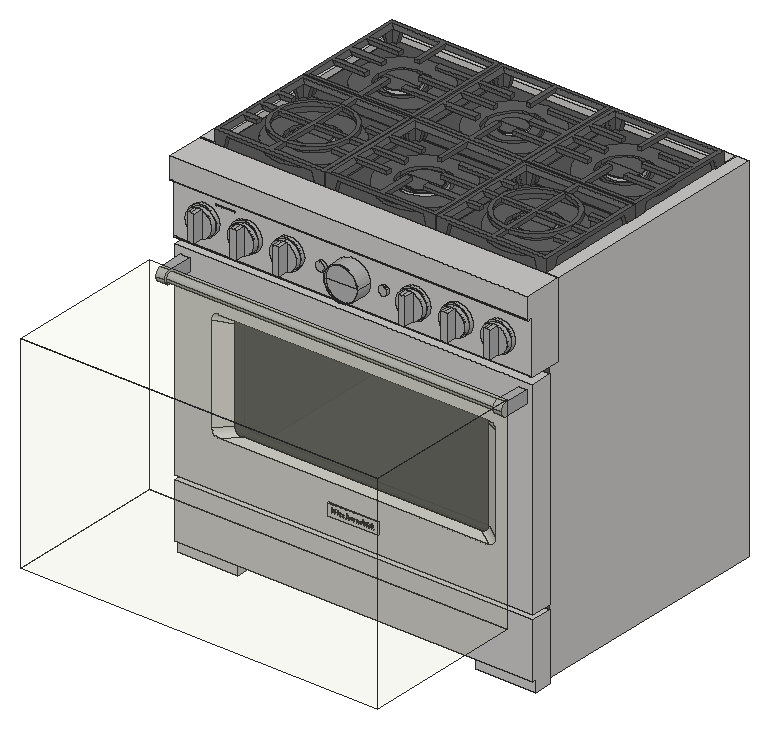
Revit family "P191568KX-127c_KFDC506J", category Specialty Equipment, Revit 2026 (continued)
Forms (in)
  Sweep 147, solid, material "ARCAT - Metal - Cast Iron 1/4" Plate" <- "Cooking Grate Material"
    profile origin (-11.15, -12.75, 37.1875) x (0, -1, 0) y (0, 0, 1)
      loop
        line (0, 0) -> (0, -0.35) -> (0.59507, -0.35) -> (0.35, 0) -> (0, 0)
  Extrusion 148, solid, material "ARCAT - Metal - Cast Iron 1/4" Plate" <- "Cooking Grate Material"
    sketch origin (-16.65, -12.75, 36.8375) x (1, 0, 0) y (0, 0, -1)
      loop
        line (0, 0) -> (1.22441, 0) -> (0.86965, 1.32396) -> (0, 1.32396) -> (0, 0)
    from 0 to -0.35156
  Extrusion 149, solid, material "ARCAT - Metal - Cast Iron 1/4" Plate" <- "Cooking Grate Material"
    sketch origin (-16.29844, -12.75, 36.8375) x (0, -1, 0) y (0, 0, -1)
      loop
        line (0, 0) -> (1.22441, 0) -> (0.86965, 1.32396) -> (0, 1.32396) -> (0, 0)
    from 0 to -0.35156
  Extrusion 150, solid, material "ARCAT - Metal - Cast Iron 1/4" Plate" <- "Cooking Grate Material"
    sketch origin (-16.65, -23.75, 36.8375) x (1, 0, 0) y (0, 0, 1)
      loop
        line (0, 0) -> (0, -1.32396) -> (0.86965, -1.32396) -> (1.22441, 0) -> (0, 0)
    from 0 to -0.35156
  Extrusion 151, solid, material "ARCAT - Metal - Cast Iron 1/4" Plate" <- "Cooking Grate Material"
    sketch origin (-16.29844, -23.75, 36.8375) x (0, 1, 0) y (0, 0, 1)
      loop
        line (0, 0) -> (0, -1.32396) -> (0.86965, -1.32396) -> (1.22441, 0) -> (0, 0)
    from 0 to -0.35156
  Extrusion 152, solid, material "ARCAT - Metal - Cast Iron 1/4" Plate" <- "Cooking Grate Material"
    sketch origin (-5.65, -12.75, 36.8375) x (-1, 0, 0) y (0, 0, 1)
      loop
        line (0, 0) -> (0, -1.32396) -> (0.86965, -1.32396) -> (1.22441, 0) -> (0, 0)
    from 0 to -0.35156
  Extrusion 153, solid, material "ARCAT - Metal - Cast Iron 1/4" Plate" <- "Cooking Grate Material"
    sketch origin (-6.00156, -12.75, 36.8375) x (0, -1, 0) y (0, 0, 1)
      loop
        line (0, 0) -> (0, -1.32396) -> (0.86965, -1.32396) -> (1.22441, 0) -> (0, 0)
    from 0 to -0.35156
  Extrusion 154, solid, material "ARCAT - Metal - Cast Iron 1/4" Plate" <- "Cooking Grate Material"
    sketch origin (-5.65, -23.75, 36.8375) x (-1, 0, 0) y (0, 0, -1)
      loop
        line (0, 0) -> (1.22441, 0) -> (0.86965, 1.32396) -> (0, 1.32396) -> (0, 0)
    from 0 to -0.35156
  Extrusion 155, solid, material "ARCAT - Metal - Cast Iron 1/4" Plate" <- "Cooking Grate Material"
    sketch origin (-6.00156, -23.75, 36.8375) x (0, 1, 0) y (0, 0, -1)
      loop
        line (0, 0) -> (1.22441, 0) -> (0.86965, 1.32396) -> (0, 1.32396) -> (0, 0)
    from 0 to -0.35156
  Extrusion 156, solid, material "ARCAT - Metal - Cast Iron 1/4" Plate" <- "Cooking Grate Material"
    sketch origin (-16.92869, -201.59612, 35.05573) x (1, 0, 0) y (0, 1, 0)
      loop
        circle (5.77869, 183.34612) r 4.25
      loop
        circle (5.77869, 183.34612) r 2.43681
    from 0.45782 to 0.78856
  Extrusion 157, solid, material "ARCAT - Metal - Cast Iron 1/4" Plate" <- "Cooking Grate Material"
    sketch origin (-16.92869, 82.49168, 35.05573) x (1, 0, 0) y (0, 1, 0)
      loop
        circle (5.77869, -100.74168) r 1.70313
      loop
        circle (5.77869, -100.74168) r 2
    from 0.45782 to 0.78856
  Revolve 158, solid, material "ARCAT - Metal - Cast Iron 1/4" Plate" <- "Cooking Grate Material"
    sketch origin (-23.98016, -18.25, 51.46709) x (-1, 0, 0) y (0, 0, 1)
      loop
        line (-12.83016, -15.95355) -> (-11.12703, -15.95355) -> (-11.12703, -15.37878) -> (-11.18761, -15.3182) -> (-12.83016, -15.3182) -> (-12.83016, -15.95355)
      axis (-12.83016, -15.95355) -> (-12.83016, -15.3182)
    angle from 0 to 360
  Extrusion 159, solid, material "ARCAT - Metal - Cast Iron 1/4" Plate" <- "Cooking Grate Material"
    sketch origin (5.77869, -107.84168, 35.05573) x (-1, 0, 0) y (0, -1, 0)
      loop
        circle (5.77869, -100.74168) r 1.32813
      loop
        circle (5.77869, -100.74168) r 2.25
    from 0.45782 to 0.78856
  Revolve 160, solid, material "ARCAT - Metal - Cast Iron 1/4" Plate" <- "Cooking Grate Material"
    sketch origin (12.83016, -7.1, 51.46709) x (1, 0, 0) y (0, 0, 1)
      loop
        line (-12.83016, -15.95355) -> (-11.50203, -15.95355) -> (-11.50203, -15.52878) -> (-11.56261, -15.4682) -> (-12.83016, -15.4682) -> (-12.83016, -15.95355)
      axis (-12.83016, -15.95355) -> (-12.83016, -15.4682)
    angle from 0 to 360
  Extrusion 161, solid, material "ARCAT - Metal - Cast Iron 1/4" Plate" <- "Cooking Grate Material"
    sketch origin (-5.77869, -190.44612, 35.05573) x (1, 0, 0) y (0, 1, 0)
      loop
        circle (5.77869, 183.34612) r 4.25
      loop
        circle (5.77869, 183.34612) r 2.6366
    from 0.45782 to 0.78856
  Extrusion 162, solid, material "ARCAT - Metal - Cast Iron 1/4" Plate" <- "Cooking Grate Material"
    sketch origin (104.50773, -36.6875, 37.1875) x (1, 0, 0) y (0, 1, 0)
      loop
        circle (-93.35773, 18.4375) r 3.75
      loop
        circle (-93.35773, 18.4375) r 3.39844
    from 0 to -0.35156
  Extrusion 163, solid, material "ARCAT - Metal - Cast Iron 1/4" Plate" <- "Cooking Grate Material"
    sketch origin (29.58906, -111.60773, 37.1875) x (0, -1, 0) y (1, 0, 0)
      loop
        arc (-93.53273, -21.83299) -> (-93.35773, -21.8375) -> (-93.18273, -21.83299) r 3.39844
        line (-93.18273, -21.83299) -> (-93.18273, -18.61406) -> (-89.9638, -18.61406)
        arc (-89.9638, -18.61406) -> (-89.95929, -18.43906) -> (-89.9638, -18.26406) r 3.39844
        line (-89.9638, -18.26406) -> (-93.18273, -18.26406) -> (-93.18273, -15.04513)
        arc (-93.18273, -15.04513) -> (-93.35773, -15.04062) -> (-93.53273, -15.04513) r 3.39844
        line (-93.53273, -15.04513) -> (-93.53273, -18.26406) -> (-96.75166, -18.26406)
        arc (-96.75166, -18.26406) -> (-96.75617, -18.43906) -> (-96.75166, -18.61406) r 3.39844
        line (-96.75166, -18.61406) -> (-93.53273, -18.61406) -> (-93.53273, -21.83299)
    from 0 to -0.35156
  Extrusion 164, solid, material "ARCAT - Metal - Cast Iron 1/4" Plate" <- "Cooking Grate Material"
    sketch origin (5.5375, -111.60773, 37.1875) x (0, -1, 0) y (1, 0, 0)
      loop
        line (-93.58273, -21.8375) -> (-93.13273, -21.8375) -> (-93.13273, -20.4375) -> (-93.58273, -20.4375) -> (-93.58273, -21.8375)
    from 0 to -0.35156
  Extrusion 165, solid, material "ARCAT - Metal - Cast Iron 1/4" Plate" <- "Cooking Grate Material"
    sketch origin (5.5375, -113.75773, 37.1875) x (0, -1, 0) y (1, 0, 0)
      loop
        line (-93.58273, -21.8375) -> (-93.13273, -21.8375) -> (-93.13273, -20.4375) -> (-93.58273, -20.4375) -> (-93.58273, -21.8375)
    from 0 to -0.35156
  Extrusion 166, solid, material "ARCAT - Metal - Cast Iron 1/4" Plate" <- "Cooking Grate Material"
    sketch origin (5.5375, 77.25773, 37.1875) x (0, 1, 0) y (-1, 0, 0)
      loop
        line (-93.58273, 21.8375) -> (-93.58273, 20.4375) -> (-93.13273, 20.4375) -> (-93.13273, 21.8375) -> (-93.58273, 21.8375)
    from 0 to -0.35156
  Extrusion 167, solid, material "ARCAT - Metal - Cast Iron 1/4" Plate" <- "Cooking Grate Material"
    sketch origin (82.20773, -34.9375, 37.1875) x (1, 0, 0) y (0, 1, 0)
      loop
        line (-93.58273, 21.8375) -> (-93.58273, 20.4375) -> (-93.13273, 20.4375) -> (-93.13273, 21.8375) -> (-93.58273, 21.8375)
    from 0 to -0.35156
  Extrusion 168, solid, material "ARCAT - Metal - Cast Iron 1/4" Plate" <- "Cooking Grate Material"
    sketch origin (-27.8375, -111.60773, 37.1875) x (0, -1, 0) y (1, 0, 0)
      loop
        line (-93.58273, 21.8375) -> (-93.58273, 20.4375) -> (-93.13273, 20.4375) -> (-93.13273, 21.8375) -> (-93.58273, 21.8375)
    from 0 to -0.35156
  Extrusion 169, solid, material "ARCAT - Metal - Cast Iron 1/4" Plate" <- "Cooking Grate Material"
    sketch origin (-27.8375, -113.75773, 37.1875) x (0, -1, 0) y (1, 0, 0)
      loop
        line (-93.58273, 21.8375) -> (-93.58273, 20.4375) -> (-93.13273, 20.4375) -> (-93.13273, 21.8375) -> (-93.58273, 21.8375)
    from 0 to -0.35156
  Extrusion 170, solid, material "ARCAT - Metal - Cast Iron 1/4" Plate" <- "Cooking Grate Material"
    sketch origin (-27.8375, 77.25773, 37.1875) x (0, 1, 0) y (-1, 0, 0)
      loop
        line (-93.58273, -21.8375) -> (-93.13273, -21.8375) -> (-93.13273, -20.4375) -> (-93.58273, -20.4375) -> (-93.58273, -21.8375)
    from 0 to -0.35156
  Extrusion 171, solid, material "ARCAT - Metal - Cast Iron 1/4" Plate" <- "Cooking Grate Material"
    sketch origin (82.20773, -1.5625, 37.1875) x (1, 0, 0) y (0, 1, 0)
      loop
        line (-93.58273, -21.8375) -> (-93.13273, -21.8375) -> (-93.13273, -20.4375) -> (-93.58273, -20.4375) -> (-93.58273, -21.8375)
    from 0 to -0.35156
  Extrusion 172, solid, material "ARCAT - Metal - Cast Iron 1/4" Plate" <- "Cooking Grate Material"
    sketch origin (82.20773, -36.6875, 37.1875) x (1, 0, 0) y (0, 1, 0)
      loop
        circle (-93.35773, 18.4375) r 3.75
      loop
        circle (-93.35773, 18.4375) r 3.39844
    from 0 to -0.35156
  Extrusion 173, solid, material "ARCAT - Metal - Cast Iron 1/4" Plate" <- "Cooking Grate Material"
    sketch origin (7.28906, -111.60773, 37.1875) x (0, -1, 0) y (1, 0, 0)
      loop
        arc (-93.53273, -21.83299) -> (-93.35773, -21.8375) -> (-93.18273, -21.83299) r 3.39844
        line (-93.18273, -21.83299) -> (-93.18273, -18.61406) -> (-89.9638, -18.61406)
        arc (-89.9638, -18.61406) -> (-89.95929, -18.43906) -> (-89.9638, -18.26406) r 3.39844
        line (-89.9638, -18.26406) -> (-93.18273, -18.26406) -> (-93.18273, -15.04513)
        arc (-93.18273, -15.04513) -> (-93.35773, -15.04062) -> (-93.53273, -15.04513) r 3.39844
        line (-93.53273, -15.04513) -> (-93.53273, -18.26406) -> (-96.75166, -18.26406)
        arc (-96.75166, -18.26406) -> (-96.75617, -18.43906) -> (-96.75166, -18.61406) r 3.39844
        line (-96.75166, -18.61406) -> (-93.53273, -18.61406) -> (-93.53273, -21.83299)
    from 0 to -0.35156
  Extrusion 174, solid, material "ARCAT - Metal - Steel - Gray" <- "Handle Material"
    sketch origin (-13.3125, -15.94421, 53.22656) x (0, 1, 0) y (0, 0, 1)
      loop
        circle (-13.68079, -26.72656) r 0.45
    from -3.16545 to 29.79045
  Extrusion 175, solid, material "ARCAT - Metal - Steel - Gray" <- "Handle Material"
    sketch origin (17.32795, -15.94421, 53.22656) x (0, 1, 0) y (0, 0, -1)
      loop
        line (-11.15579, 26.10156) -> (-11.15579, 27.35156) -> (-13.68079, 27.35156)
        arc (-13.68079, 27.35156) -> (-14.12273, 27.1685) -> (-14.30579, 26.72656) r 0.625
        arc (-14.30579, 26.72656) -> (-14.12273, 26.28462) -> (-13.68079, 26.10156) r 0.625
        line (-13.68079, 26.10156) -> (-11.15579, 26.10156)
    from 0 to 0.85
  Extrusion 176, solid, material "ARCAT - Metal - Steel - Gray" <- "Handle Material"
    sketch origin (-17.32795, -15.94421, 53.22656) x (0, 1, 0) y (0, 0, 1)
      loop
        line (-11.15579, -26.10156) -> (-13.68079, -26.10156)
        arc (-13.68079, -26.10156) -> (-14.12273, -26.28462) -> (-14.30579, -26.72656) r 0.625
        arc (-14.30579, -26.72656) -> (-14.12273, -27.1685) -> (-13.68079, -27.35156) r 0.625
        line (-13.68079, -27.35156) -> (-11.15579, -27.35156) -> (-11.15579, -26.10156)
    from 0 to 0.85
  Blend 177, void
    base sketch origin (-9.125, -26.1, 0.5) x (0, 0, 1) y (1, 0, 0)
      loop
        arc (22.3125, 21.10778) -> (22.09283, 21.63811) -> (21.5625, 21.85778) r 0.75
        line (21.5625, 21.85778) -> (12.375, 21.85778)
        arc (12.375, 21.85778) -> (11.84467, 21.63811) -> (11.625, 21.10778) r 0.75
        line (11.625, 21.10778) -> (11.625, -2.85778)
        arc (11.625, -2.85778) -> (11.84467, -3.38811) -> (12.375, -3.60778) r 0.75
        line (12.375, -3.60778) -> (21.5625, -3.60778)
        arc (21.5625, -3.60778) -> (22.09283, -3.38811) -> (22.3125, -2.85778) r 0.75
        line (22.3125, -2.85778) -> (22.3125, 21.10778)
    top sketch origin (-9.125, -26.1, 0.5) x (0, 0, -1) y (1, 0, 0)
      loop
        line (-22.5625, 22.62352) -> (-22.5625, -4.37352)
        arc (-22.5625, -4.37352) -> (-22.34283, -4.90385) -> (-21.8125, -5.12352) r 0.75
        line (-21.8125, -5.12352) -> (-12.125, -5.12352)
        arc (-12.125, -5.12352) -> (-11.59467, -4.90385) -> (-11.375, -4.37352) r 0.75
        line (-11.375, -4.37352) -> (-11.375, 22.62352)
        arc (-11.375, 22.62352) -> (-11.59467, 23.15385) -> (-12.125, 23.37352) r 0.75
        line (-12.125, 23.37352) -> (-21.8125, 23.37352)
        arc (-21.8125, 23.37352) -> (-22.34283, 23.15385) -> (-22.5625, 22.62352) r 0.75
    from 0 to -1
  Extrusion 178, void
    sketch origin (9.125, -26.1, 0.5) x (0, 0, 1) y (1, 0, 0)
      loop
        arc (21.5625, -21.85778) -> (22.09283, -21.63811) -> (22.3125, -21.10778) r 0.75
        line (22.3125, -21.10778) -> (22.3125, 2.85778)
        arc (22.3125, 2.85778) -> (22.09283, 3.38811) -> (21.5625, 3.60778) r 0.75
        line (21.5625, 3.60778) -> (12.375, 3.60778)
        arc (12.375, 3.60778) -> (11.84467, 3.38811) -> (11.625, 2.85778) r 0.75
        line (11.625, 2.85778) -> (11.625, -21.10778)
        arc (11.625, -21.10778) -> (11.84467, -21.63811) -> (12.375, -21.85778) r 0.75
        line (12.375, -21.85778) -> (21.5625, -21.85778)
    from 0 to 1.1
  Extrusion 179, solid, material "ARCAT - Glass - Tempered - Black" <- "Glass Material"
    sketch origin (9.125, -26.1, 0.5) x (0, 0, -1) y (1, 0, 0)
      loop
        line (-21.5625, -21.85778) -> (-12.375, -21.85778)
        arc (-12.375, -21.85778) -> (-11.84467, -21.63811) -> (-11.625, -21.10778) r 0.75
        line (-11.625, -21.10778) -> (-11.625, 2.85778)
        arc (-11.625, 2.85778) -> (-11.84467, 3.38811) -> (-12.375, 3.60778) r 0.75
        line (-12.375, 3.60778) -> (-21.5625, 3.60778)
        arc (-21.5625, 3.60778) -> (-22.09283, 3.38811) -> (-22.3125, 2.85778) r 0.75
        line (-22.3125, 2.85778) -> (-22.3125, -21.10778)
        arc (-22.3125, -21.10778) -> (-22.09283, -21.63811) -> (-21.5625, -21.85778) r 0.75
    from 0 to -0.25
  Extrusion 180, solid, material "ARCAT - Metal - Steel - Gray" <- "Knob Material"
    sketch origin (24.62841, -26.71858, 34.13649) x (0, 0, 1) y (-1, 0, 0)
      loop
        circle (-2.92946, 9.80341) r 1.34181
    from 0.53142 to 1.34647
  Extrusion 181, solid, material "ARCAT - Metal - Steel - Gray" <- "Knob Material"
    sketch origin (24.62841, -28.06505, 34.13649) x (0, 0, 1) y (-1, 0, 0)
      loop
        arc (-1.62775, 9.47781) -> (-1.59771, 9.63938) -> (-1.58765, 9.80341) r 1.34181
        arc (-1.58765, 9.80341) -> (-1.59771, 9.96745) -> (-1.62775, 10.12902) r 1.34181
        line (-1.62775, 10.12902) -> (-4.23117, 10.12902)
        arc (-4.23117, 10.12902) -> (-4.26121, 9.96745) -> (-4.27127, 9.80341) r 1.34181
        arc (-4.27127, 9.80341) -> (-4.26121, 9.63938) -> (-4.23117, 9.47781) r 1.34181
        line (-4.23117, 9.47781) -> (-1.62775, 9.47781)
    from 0.93521 to 0
  Extrusion 182, solid, material "ARCAT - Metal - Steel - Gray" <- "Knob Material"
    sketch origin (24.62841, -26.71858, 34.13649) x (0, 0, 1) y (-1, 0, 0)
      loop
        circle (-2.92946, 9.80341) r 1.38445
      loop
        circle (-2.92946, 9.80341) r 1.46796
    from 0.53142 to 0.9053
  Extrusion 183, solid, material "ARCAT - Metal - Steel - Gray" <- "Knob Material"
    sketch origin (20.37841, -26.71858, 34.13649) x (0, 0, 1) y (-1, 0, 0)
      loop
        circle (-2.92946, 9.80341) r 1.34181
    from 0.53142 to 1.34647
  Extrusion 184, solid, material "ARCAT - Metal - Steel - Gray" <- "Knob Material"
    sketch origin (20.37841, -28.06505, 34.13649) x (0, 0, 1) y (-1, 0, 0)
      loop
        arc (-1.62775, 9.47781) -> (-1.59771, 9.63938) -> (-1.58765, 9.80341) r 1.34181
        arc (-1.58765, 9.80341) -> (-1.59771, 9.96745) -> (-1.62775, 10.12902) r 1.34181
        line (-1.62775, 10.12902) -> (-4.23117, 10.12902)
        arc (-4.23117, 10.12902) -> (-4.26121, 9.96745) -> (-4.27127, 9.80341) r 1.34181
        arc (-4.27127, 9.80341) -> (-4.26121, 9.63938) -> (-4.23117, 9.47781) r 1.34181
        line (-4.23117, 9.47781) -> (-1.62775, 9.47781)
    from 0.93521 to 0
  Extrusion 185, solid, material "ARCAT - Metal - Steel - Gray" <- "Knob Material"
    sketch origin (20.37841, -26.71858, 34.13649) x (0, 0, 1) y (-1, 0, 0)
      loop
        circle (-2.92946, 9.80341) r 1.38445
      loop
        circle (-2.92946, 9.80341) r 1.46796
    from 0.53142 to 0.9053
  Extrusion 186, solid, material "ARCAT - Metal - Steel - Gray" <- "Knob Material"
    sketch origin (16.12841, -26.71858, 34.13649) x (0, 0, 1) y (-1, 0, 0)
      loop
        circle (-2.92946, 9.80341) r 1.34181
    from 0.53142 to 1.34647
  Extrusion 187, solid, material "ARCAT - Metal - Steel - Gray" <- "Knob Material"
    sketch origin (16.12841, -28.06505, 34.13649) x (0, 0, 1) y (-1, 0, 0)
      loop
        arc (-1.62775, 9.47781) -> (-1.59771, 9.63938) -> (-1.58765, 9.80341) r 1.34181
        arc (-1.58765, 9.80341) -> (-1.59771, 9.96745) -> (-1.62775, 10.12902) r 1.34181
        line (-1.62775, 10.12902) -> (-4.23117, 10.12902)
        arc (-4.23117, 10.12902) -> (-4.26121, 9.96745) -> (-4.27127, 9.80341) r 1.34181
        arc (-4.27127, 9.80341) -> (-4.26121, 9.63938) -> (-4.23117, 9.47781) r 1.34181
        line (-4.23117, 9.47781) -> (-1.62775, 9.47781)
    from 0.93521 to 0
  Extrusion 188, solid, material "ARCAT - Metal - Steel - Gray" <- "Knob Material"
    sketch origin (16.12841, -26.71858, 34.13649) x (0, 0, 1) y (-1, 0, 0)
      loop
        circle (-2.92946, 9.80341) r 1.38445
      loop
        circle (-2.92946, 9.80341) r 1.46796
    from 0.53142 to 0.9053
  Revolve 189, solid, material "ARCAT - Metal - Steel - Gray" <- "Knob Material"
    sketch origin (0, -180, 31.20703) x (-1, 0, 0) y (0, -1, 0)
      loop
        line (1.75, -152.75) -> (1.69765, -151.25091) -> (1.65265, -151.25091) -> (1.6448, -151.40071) -> (0, -151.40071) -> (0, -152.75) -> (1.75, -152.75)
      axis (0, -151.25091) -> (0, -152.75)
    angle from 0 to 360
  Extrusion 190, solid, material "ARCAT - Metal - Steel - Gray" <- "Knob Material"
    sketch origin (12.89443, -26.71858, 34.13649) x (0, 0, 1) y (-1, 0, 0)
      loop
        circle (-2.92946, 9.67841) r 0.43878
    from 0.53142 to 0.78142
  Extrusion 191, solid, material "ARCAT - Metal - Steel - Gray" <- "Knob Material"
    sketch origin (6.60341, -26.71858, 34.13649) x (0, 0, 1) y (-1, 0, 0)
      loop
        circle (-2.92946, 9.67841) r 0.43878
    from 0.53142 to 0.78142
  Extrusion 192, solid, material "ARCAT - Metal - Steel - Stainless" <- "Body Material"
    sketch origin (-6, -25.92205, 36) x (0, 1, 0) y (-1, 0, 0)
      loop
        line (2.02361, -22.66562) -> (2.02361, -23.9375) -> (25.82205, -23.9375) -> (25.82205, -22.66562) -> (2.02361, -22.66562)
    from 0 to -0.54906
  Extrusion 193, solid, material "ARCAT - Metal - Steel - Stainless" <- "Body Material"
    sketch origin (6, -25.92205, 36) x (0, 1, 0) y (-1, 0, 0)
      loop
        line (2.02361, 22.66563) -> (25.82205, 22.66563) -> (25.82205, 23.9375) -> (2.02361, 23.9375) -> (2.02361, 22.66563)
    from 0 to -0.54906
  Extrusion 194, solid, material "ARCAT - Metal - Steel - Stainless" <- "Body Material"
    sketch origin (9.2283, 22.49375, 36) x (-1, 0, 0) y (0, -1, 0)
      loop
        line (-7.4217, 22.59375) -> (25.8783, 22.59375) -> (25.8783, 23.9375) -> (-7.4217, 23.9375) -> (-7.4217, 22.59375)
    from 0 to -0.54906
  Extrusion 195, solid, material "ARCAT - Metal - Cast Iron" <- "Connector Material"
    sketch origin (-8.05559, 0.75983, 7.2494) x (0, 0, 1) y (0, 1, 0)
      loop
        line (-5.9158, -4.07615) -> (-2.9994, -5.69274) -> (-2.9994, -3.85983) -> (-5.9158, -3.85983) -> (-5.9158, -4.07615)
    from 0 to -0.125
  Extrusion 196, solid, material "ARCAT - Metal - Steel - Stainless" <- "Body Material"
    sketch origin (20.375, -1.975, 3.8125) x (0, 0, 1) y (1, 0, 0)
      loop
        line (10.13081, -8.47609) -> (1.70153, -8.47609)
        arc (1.70153, -8.47609) -> (1.61314, -8.51271) -> (1.57653, -8.60109) r 0.125
        line (1.57653, -8.60109) -> (1.57653, -9.6572) -> (1.30783, -9.6572)
        arc (1.30783, -9.6572) -> (1.21944, -9.69381) -> (1.18283, -9.7822) r 0.125
        line (1.18283, -9.7822) -> (1.18283, -10.12275)
        arc (1.18283, -10.12275) -> (1.21944, -10.21114) -> (1.30783, -10.24775) r 0.125
        line (1.30783, -10.24775) -> (1.57653, -10.24775) -> (1.57653, -12.60995) -> (1.30783, -12.60995)
        arc (1.30783, -12.60995) -> (1.21944, -12.64656) -> (1.18283, -12.73495) r 0.125
        line (1.18283, -12.73495) -> (1.18283, -13.0755)
        arc (1.18283, -13.0755) -> (1.21944, -13.16389) -> (1.30783, -13.2005) r 0.125
        line (1.30783, -13.2005) -> (1.57653, -13.2005) -> (1.57653, -14.25661)
        arc (1.57653, -14.25661) -> (1.61314, -14.34499) -> (1.70153, -14.38161) r 0.125
        line (1.70153, -14.38161) -> (10.13081, -14.38161)
        arc (10.13081, -14.38161) -> (10.2192, -14.34499) -> (10.25581, -14.25661) r 0.125
        line (10.25581, -14.25661) -> (10.25581, -8.60109)
        arc (10.25581, -8.60109) -> (10.2192, -8.51271) -> (10.13081, -8.47609) r 0.125
      loop
        arc (9.81172, -11.33515) -> (9.71822, -11.42865) -> (9.81172, -11.52216) r 0.0935
        line (9.81172, -11.52216) -> (9.99991, -11.52216)
        arc (9.99991, -11.52216) -> (10.09341, -11.42865) -> (9.99991, -11.33515) r 0.0935
        line (9.99991, -11.33515) -> (9.81172, -11.33515)
    from 0 to 0.03125
  Extrusion 197, solid, material "ARCAT - Metal - Steel - Stainless" <- "Body Material"
    sketch origin (20.375, -1.94375, 3.8125) x (0, 0, 1) y (1, 0, 0)
      loop
        circle (9.45246, -8.91659) r 0.1
      loop
        circle (9.45246, -13.91659) r 0.1
    from 0 to 0.03125
  Extrusion 198, solid, material "ARCAT - Metal - Steel - Stainless" <- "Body Material"
    sketch origin (9.56479, -2.9125, 3.49707) x (0, 0, 1) y (1, 0, 0)
      loop
        line (0.75293, -13.5527) -> (0.75293, 2.37271) -> (-2.37207, 2.37271) -> (-2.37207, -13.5527) -> (0.75293, -13.5527)
    from -22.025 to -15.01429
  Extrusion 199, solid, material "ARCAT - Metal - Steel - Stainless" <- "Body Material"
    sketch origin (14.375, -1.975, 2.8125) x (0, 0, 1) y (1, 0, 0)
      loop
        circle (1.79468, -14.375) r 0.25
    from 0 to 0.03125
  Extrusion 200, solid, material "ARCAT - Metal - Steel - Gray" <- "Knob Material"
    sketch origin (-24.62841, -26.71858, 34.13649) x (0, 0, 1) y (-1, 0, 0)
      loop
        circle (-2.92946, -9.80341) r 1.34181
    from 0.53142 to 1.34647
  Extrusion 201, solid, material "ARCAT - Metal - Steel - Gray" <- "Knob Material"
    sketch origin (-24.62841, -28.06505, 34.13649) x (0, 0, 1) y (-1, 0, 0)
      loop
        line (-1.62775, -9.47781) -> (-4.23117, -9.47781)
        arc (-4.23117, -9.47781) -> (-4.26121, -9.63938) -> (-4.27127, -9.80341) r 1.34181
        arc (-4.27127, -9.80341) -> (-4.26121, -9.96745) -> (-4.23117, -10.12902) r 1.34181
        line (-4.23117, -10.12902) -> (-1.62775, -10.12902)
        arc (-1.62775, -10.12902) -> (-1.59771, -9.96745) -> (-1.58765, -9.80341) r 1.34181
        arc (-1.58765, -9.80341) -> (-1.59771, -9.63938) -> (-1.62775, -9.47781) r 1.34181
    from 0.93521 to 0
  Extrusion 202, solid, material "ARCAT - Metal - Steel - Gray" <- "Knob Material"
    sketch origin (-24.62841, -26.71858, 34.13649) x (0, 0, 1) y (-1, 0, 0)
      loop
        circle (-2.92946, -9.80341) r 1.38445
      loop
        circle (-2.92946, -9.80341) r 1.46796
    from 0.53142 to 0.9053
  Extrusion 203, solid, material "ARCAT - Metal - Steel - Gray" <- "Knob Material"
    sketch origin (-20.37841, -26.71858, 34.13649) x (0, 0, 1) y (-1, 0, 0)
      loop
        circle (-2.92946, -9.80341) r 1.34181
    from 0.53142 to 1.34647
  Extrusion 204, solid, material "ARCAT - Metal - Steel - Gray" <- "Knob Material"
    sketch origin (-20.37841, -28.06505, 34.13649) x (0, 0, 1) y (-1, 0, 0)
      loop
        line (-1.62775, -9.47781) -> (-4.23117, -9.47781)
        arc (-4.23117, -9.47781) -> (-4.26121, -9.63938) -> (-4.27127, -9.80341) r 1.34181
        arc (-4.27127, -9.80341) -> (-4.26121, -9.96745) -> (-4.23117, -10.12902) r 1.34181
        line (-4.23117, -10.12902) -> (-1.62775, -10.12902)
        arc (-1.62775, -10.12902) -> (-1.59771, -9.96745) -> (-1.58765, -9.80341) r 1.34181
        arc (-1.58765, -9.80341) -> (-1.59771, -9.63938) -> (-1.62775, -9.47781) r 1.34181
    from 0.93521 to 0
  Extrusion 205, solid, material "ARCAT - Metal - Steel - Gray" <- "Knob Material"
    sketch origin (-20.37841, -26.71858, 34.13649) x (0, 0, 1) y (-1, 0, 0)
      loop
        circle (-2.92946, -9.80341) r 1.38445
      loop
        circle (-2.92946, -9.80341) r 1.46796
    from 0.53142 to 0.9053
  Extrusion 206, solid, material "ARCAT - Metal - Steel - Gray" <- "Knob Material"
    sketch origin (-16.12841, -26.71858, 34.13649) x (0, 0, 1) y (-1, 0, 0)
      loop
        circle (-2.92946, -9.80341) r 1.34181
    from 0.53142 to 1.34647
  Extrusion 207, solid, material "ARCAT - Metal - Steel - Gray" <- "Knob Material"
    sketch origin (-16.12841, -28.06505, 34.13649) x (0, 0, 1) y (-1, 0, 0)
      loop
        line (-1.62775, -9.47781) -> (-4.23117, -9.47781)
        arc (-4.23117, -9.47781) -> (-4.26121, -9.63938) -> (-4.27127, -9.80341) r 1.34181
        arc (-4.27127, -9.80341) -> (-4.26121, -9.96745) -> (-4.23117, -10.12902) r 1.34181
        line (-4.23117, -10.12902) -> (-1.62775, -10.12902)
        arc (-1.62775, -10.12902) -> (-1.59771, -9.96745) -> (-1.58765, -9.80341) r 1.34181
        arc (-1.58765, -9.80341) -> (-1.59771, -9.63938) -> (-1.62775, -9.47781) r 1.34181
    from 0.93521 to 0
  Extrusion 208, solid, material "ARCAT - Metal - Steel - Gray" <- "Knob Material"
    sketch origin (-16.12841, -26.71858, 34.13649) x (0, 0, 1) y (-1, 0, 0)
      loop
        circle (-2.92946, -9.80341) r 1.38445
      loop
        circle (-2.92946, -9.80341) r 1.46796
    from 0.53142 to 0.9053
  Extrusion 209, void
    sketch origin (-14.9375, -24.9375, 0.5) x (0, 0, -1) y (-1, 0, 0)
      loop
        line (-27.94394, -13.19851) -> (-27.94394, -16.67649)
        arc (-27.94394, -16.67649) -> (-27.65625, -16.96418) -> (-27.36856, -16.67649) r 0.28769
        line (-27.36856, -16.67649) -> (-27.36856, -13.19851)
        arc (-27.36856, -13.19851) -> (-27.65625, -12.91082) -> (-27.94394, -13.19851) r 0.28769
      loop
        line (-27.94394, 0.37767) -> (-27.94394, -3.10032)
        arc (-27.94394, -3.10032) -> (-27.65625, -3.388) -> (-27.36856, -3.10032) r 0.28769
        line (-27.36856, -3.10032) -> (-27.36856, 0.37767)
        arc (-27.36856, 0.37767) -> (-27.65625, 0.66535) -> (-27.94394, 0.37767) r 0.28769
      loop
        arc (-27.94394, -30.25267) -> (-27.65625, -30.54035) -> (-27.36856, -30.25267) r 0.28769
        line (-27.36856, -30.25267) -> (-27.36856, -26.77468)
        arc (-27.36856, -26.77468) -> (-27.65625, -26.487) -> (-27.94394, -26.77468) r 0.28769
        line (-27.94394, -26.77468) -> (-27.94394, -30.25267)
      loop
        line (-27.94394, -4.14773) -> (-27.94394, -7.62571)
        arc (-27.94394, -7.62571) -> (-27.65625, -7.9134) -> (-27.36856, -7.62571) r 0.28769
        line (-27.36856, -7.62571) -> (-27.36856, -4.14773)
        arc (-27.36856, -4.14773) -> (-27.65625, -3.86004) -> (-27.94394, -4.14773) r 0.28769
      loop
        line (-27.94394, -8.67312) -> (-27.94394, -12.1511)
        arc (-27.94394, -12.1511) -> (-27.65625, -12.43879) -> (-27.36856, -12.1511) r 0.28769
        line (-27.36856, -12.1511) -> (-27.36856, -8.67312)
        arc (-27.36856, -8.67312) -> (-27.65625, -8.38543) -> (-27.94394, -8.67312) r 0.28769
      loop
        arc (-27.94394, -25.72727) -> (-27.65625, -26.01496) -> (-27.36856, -25.72727) r 0.28769
        line (-27.36856, -25.72727) -> (-27.36856, -22.24929)
        arc (-27.36856, -22.24929) -> (-27.65625, -21.9616) -> (-27.94394, -22.24929) r 0.28769
        line (-27.94394, -22.24929) -> (-27.94394, -25.72727)
      loop
        arc (-27.94394, -21.20188) -> (-27.65625, -21.48957) -> (-27.36856, -21.20188) r 0.28769
        line (-27.36856, -21.20188) -> (-27.36856, -17.7239)
        arc (-27.36856, -17.7239) -> (-27.65625, -17.43621) -> (-27.94394, -17.7239) r 0.28769
        line (-27.94394, -17.7239) -> (-27.94394, -21.20188)
    from 0 to 0.25
  Extrusion 210, solid, material "ARCAT - Metal - Cast Iron" <- "Connector Material"
    sketch origin (-5.05559, 87.22302, -163.62542) x (0, -0.87462, -0.48481) y (0, 0.48481, -0.87462)
      loop
        circle (-0.00263, -190.45012) r 0.48023
      loop
        circle (-0.00263, -190.45012) r 0.375
    from 0 to 0.0625
  Extrusion 211, solid, material "ARCAT - Metal - Cast Iron" <- "Connector Material"
    sketch origin (-4.99309, 87.22302, -163.62542) x (0, -0.87462, -0.48481) y (0, 0.48481, -0.87462)
      loop
        line (-0.26521, -191.01322) -> (0.35374, -190.95907) -> (0.61632, -190.39597) -> (0.25994, -189.88702) -> (-0.359, -189.94117) -> (-0.62158, -190.50427) -> (-0.26521, -191.01322)
      loop
        circle (-0.00263, -190.45012) r 0.375
    from 0 to 0.25
Cuts and joins
  Extrusion 3, Extrusion 5, Extrusion 6, Extrusion 8, Extrusion 33, Extrusion 35, Extrusion 39, Extrusion 41, Extrusion 209 cuts Extrusion 2
  Extrusion 209 cuts Extrusion 192
  Extrusion 209 cuts Extrusion 193
  Extrusion 209 cuts Extrusion 194
  joined: Extrusion 2, Extrusion 192, Extrusion 193, Extrusion 194
  joined: Blend 12, Extrusion 13
  Extrusion 14 cuts Extrusion 1
  Extrusion 27 cuts Extrusion 7
  Extrusion 35, Extrusion 39 cuts Revolve 32
  Extrusion 41 cuts Revolve 34
  Blend 177, Extrusion 178 cuts Extrusion 42
  joined: Extrusion 17, Extrusion 18
  joined: Sweep 50, Extrusion 51, Extrusion 52, Extrusion 53, Extrusion 54, Extrusion 55, Extrusion 56, Extrusion 57, Extrusion 58, Extrusion 59, Extrusion 60, Extrusion 61, Extrusion 62, Extrusion 66, Extrusion 67, Extrusion 68, Extrusion 69
  joined: Sweep 147, Extrusion 148, Extrusion 149, Extrusion 150, Extrusion 151, Extrusion 152, Extrusion 153, Extrusion 154, Extrusion 155, Extrusion 164, Extrusion 165, Extrusion 166, Extrusion 167, Extrusion 168, Extrusion 169, Extrusion 170, Extrusion 171
  joined: Extrusion 172, Extrusion 173
  joined: Extrusion 162, Extrusion 163
  joined: Sweep 90, Extrusion 91, Extrusion 92, Extrusion 93, Extrusion 94, Extrusion 95, Extrusion 96, Extrusion 97, Extrusion 98, Extrusion 99, Extrusion 100, Extrusion 101, Extrusion 102, Extrusion 106, Extrusion 107, Extrusion 108, Extrusion 109
  joined: Sweep 110, Extrusion 111, Extrusion 112, Extrusion 113, Extrusion 114, Extrusion 115, Extrusion 116, Extrusion 117, Extrusion 118, Extrusion 119, Extrusion 120, Extrusion 121, Extrusion 122, Extrusion 123, Extrusion 124, Extrusion 125, Extrusion 126
  joined: Sweep 127, Extrusion 128, Extrusion 129, Extrusion 130, Extrusion 131, Extrusion 132, Extrusion 133, Extrusion 134, Extrusion 135, Extrusion 136, Extrusion 137, Extrusion 138, Extrusion 139, Extrusion 143, Extrusion 144, Extrusion 145, Extrusion 146
  joined: Sweep 70, Extrusion 71, Extrusion 72, Extrusion 73, Extrusion 74, Extrusion 75, Extrusion 76, Extrusion 77, Extrusion 78, Extrusion 79, Extrusion 80, Extrusion 81, Extrusion 82, Extrusion 86, Extrusion 87, Extrusion 88, Extrusion 89
  joined: Extrusion 210, Extrusion 211
Lines and regions (in)
  Split face 1
    outline origin (17.9375, -0.1, 0.5) x (-1, 0, 0) y (0, 0, 1)
      loop
        line (0.15867, 34.79832) -> (0.15867, 15.46152)
        arc (0.15867, 15.46152) -> (0.19528, 15.37313) -> (0.28367, 15.33652) r 0.125
        line (0.28367, 15.33652) -> (35.67147, 15.33652)
        arc (35.67147, 15.33652) -> (35.75986, 15.37313) -> (35.79647, 15.46152) r 0.125
        line (35.79647, 15.46152) -> (35.79647, 34.79832)
        arc (35.79647, 34.79832) -> (35.75986, 34.88671) -> (35.67147, 34.92332) r 0.125
        line (35.67147, 34.92332) -> (0.28367, 34.92332)
        arc (0.28367, 34.92332) -> (0.19528, 34.88671) -> (0.15867, 34.79832) r 0.125
  model lines
    curve 1: line (17.65383, -0.1, 35.42332) -> (-17.73397, -0.1, 35.42332)
    curve 2: line (17.77883, -0.1, 15.96152) -> (17.77883, -0.1, 35.29832)
    curve 3: line (-17.73397, -0.1, 15.83652) -> (17.65383, -0.1, 15.83652)
    curve 4: line (-17.85897, -0.1, 35.29832) -> (-17.85897, -0.1, 15.96152)
    curve 5: arc (17.65383, -0.1, 15.83652) -> (17.74222, -0.1, 15.87313) -> (17.77883, -0.1, 15.96152) r 0.125
    curve 6: arc (17.77883, -0.1, 35.29832) -> (17.74222, -0.1, 35.38671) -> (17.65383, -0.1, 35.42332) r 0.125
    curve 7: arc (-17.73397, -0.1, 35.42332) -> (-17.82236, -0.1, 35.38671) -> (-17.85897, -0.1, 35.29832) r 0.125
    curve 8: arc (-17.85897, -0.1, 15.96152) -> (-17.82236, -0.1, 15.87313) -> (-17.73397, -0.1, 15.83652) r 0.125
    curve 9: line (16.16859, -1.975, 12.46669) -> (12.09143, -1.975, 12.46669)
    curve 10: line (15.91859, -1.975, 12.21669) -> (12.34143, -1.975, 12.21669)
    curve 11: arc (16.16859, -1.975, 12.46669) -> (16.09537, -1.975, 12.28991) -> (15.91859, -1.975, 12.21669) r 0.25
    curve 12: arc (12.09143, -1.975, 12.46669) -> (12.16465, -1.975, 12.28991) -> (12.34143, -1.975, 12.21669) r 0.25
    curve 13: line (16.16859, -1.975, 11.59661) -> (12.09143, -1.975, 11.59661)
    curve 14: line (15.91859, -1.975, 11.34661) -> (12.34143, -1.975, 11.34661)
    curve 15: arc (16.16859, -1.975, 11.59661) -> (16.09537, -1.975, 11.41983) -> (15.91859, -1.975, 11.34661) r 0.25
    curve 16: arc (12.09143, -1.975, 11.59661) -> (12.16465, -1.975, 11.41983) -> (12.34143, -1.975, 11.34661) r 0.25
    curve 17: line (16.16859, -1.975, 10.72653) -> (12.09143, -1.975, 10.72653)
    curve 18: line (15.91859, -1.975, 10.47653) -> (12.34143, -1.975, 10.47653)
    curve 19: arc (16.16859, -1.975, 10.72653) -> (16.09537, -1.975, 10.54975) -> (15.91859, -1.975, 10.47653) r 0.25
    curve 20: arc (12.09143, -1.975, 10.72653) -> (12.16465, -1.975, 10.54975) -> (12.34143, -1.975, 10.47653) r 0.25
    curve 21: line (16.16859, -1.975, 9.85645) -> (12.09143, -1.975, 9.85645)
    curve 22: line (15.91859, -1.975, 9.60645) -> (12.34143, -1.975, 9.60645)
    curve 23: arc (16.16859, -1.975, 9.85645) -> (16.09537, -1.975, 9.67967) -> (15.91859, -1.975, 9.60645) r 0.25
    curve 24: arc (12.09143, -1.975, 9.85645) -> (12.16465, -1.975, 9.67967) -> (12.34143, -1.975, 9.60645) r 0.25
    curve 25: line (16.16859, -1.975, 8.98637) -> (12.09143, -1.975, 8.98637)
    curve 26: line (15.91859, -1.975, 8.73637) -> (12.34143, -1.975, 8.73637)
    curve 27: arc (16.16859, -1.975, 8.98637) -> (16.09537, -1.975, 8.80959) -> (15.91859, -1.975, 8.73637) r 0.25
    curve 28: arc (12.09143, -1.975, 8.98637) -> (12.16465, -1.975, 8.80959) -> (12.34143, -1.975, 8.73637) r 0.25
    curve 29: line (16.16859, -1.975, 8.11629) -> (12.09143, -1.975, 8.11629)
    curve 30: line (15.91859, -1.975, 7.86629) -> (12.34143, -1.975, 7.86629)
    curve 31: arc (16.16859, -1.975, 8.11629) -> (16.09537, -1.975, 7.93952) -> (15.91859, -1.975, 7.86629) r 0.25
    curve 32: arc (12.09143, -1.975, 8.11629) -> (12.16465, -1.975, 7.93952) -> (12.34143, -1.975, 7.86629) r 0.25
    curve 33: line (-12.11275, -1.975, 12.46669) -> (-16.18991, -1.975, 12.46669)
    curve 34: line (-12.36275, -1.975, 12.21669) -> (-15.93991, -1.975, 12.21669)
    curve 35: arc (-12.11275, -1.975, 12.46669) -> (-12.18597, -1.975, 12.28991) -> (-12.36275, -1.975, 12.21669) r 0.25
    curve 36: arc (-16.18991, -1.975, 12.46669) -> (-16.11669, -1.975, 12.28991) -> (-15.93991, -1.975, 12.21669) r 0.25
    curve 37: line (-12.11275, -1.975, 11.59661) -> (-16.18991, -1.975, 11.59661)
    curve 38: line (-12.36275, -1.975, 11.34661) -> (-15.93991, -1.975, 11.34661)
    curve 39: arc (-12.11275, -1.975, 11.59661) -> (-12.18597, -1.975, 11.41983) -> (-12.36275, -1.975, 11.34661) r 0.25
    curve 40: arc (-16.18991, -1.975, 11.59661) -> (-16.11669, -1.975, 11.41983) -> (-15.93991, -1.975, 11.34661) r 0.25
    curve 41: line (-12.11275, -1.975, 10.72653) -> (-16.18991, -1.975, 10.72653)
    curve 42: line (-12.36275, -1.975, 10.47653) -> (-15.93991, -1.975, 10.47653)
    curve 43: arc (-12.11275, -1.975, 10.72653) -> (-12.18597, -1.975, 10.54975) -> (-12.36275, -1.975, 10.47653) r 0.25
    curve 44: arc (-16.18991, -1.975, 10.72653) -> (-16.11669, -1.975, 10.54975) -> (-15.93991, -1.975, 10.47653) r 0.25
    curve 45: line (-12.11275, -1.975, 9.85645) -> (-16.18991, -1.975, 9.85645)
    curve 46: line (-12.36275, -1.975, 9.60645) -> (-15.93991, -1.975, 9.60645)
    curve 47: arc (-12.11275, -1.975, 9.85645) -> (-12.18597, -1.975, 9.67967) -> (-12.36275, -1.975, 9.60645) r 0.25
    curve 48: arc (-16.18991, -1.975, 9.85645) -> (-16.11669, -1.975, 9.67967) -> (-15.93991, -1.975, 9.60645) r 0.25
    curve 49: line (-12.11275, -1.975, 8.98637) -> (-16.18991, -1.975, 8.98637)
    curve 50: line (-12.36275, -1.975, 8.73637) -> (-15.93991, -1.975, 8.73637)
    curve 51: arc (-12.11275, -1.975, 8.98637) -> (-12.18597, -1.975, 8.80959) -> (-12.36275, -1.975, 8.73637) r 0.25
    curve 52: arc (-16.18991, -1.975, 8.98637) -> (-16.11669, -1.975, 8.80959) -> (-15.93991, -1.975, 8.73637) r 0.25
    curve 53: line (-12.11275, -1.975, 8.11629) -> (-16.18991, -1.975, 8.11629)
    curve 54: line (-12.36275, -1.975, 7.86629) -> (-15.93991, -1.975, 7.86629)
    curve 55: arc (-12.11275, -1.975, 8.11629) -> (-12.18597, -1.975, 7.93952) -> (-12.36275, -1.975, 7.86629) r 0.25
    curve 56: arc (-16.18991, -1.975, 8.11629) -> (-16.11669, -1.975, 7.93952) -> (-15.93991, -1.975, 7.86629) r 0.25
    curve 57: line (9.53749, -1.975, 4.94277) -> (8.35639, -1.975, 4.94277)
    curve 58: line (8.35639, -1.975, 4.94277) -> (8.35639, -1.975, 4.25)
    curve 59: line (9.53749, -1.975, 4.94277) -> (9.53749, -1.975, 4.25)
    curve 60: arc (8.86682, -1.975, 4.6437) -> (8.94064, -1.975, 4.71752) -> (9.01446, -1.975, 4.6437) r 0.07382
    curve 61: arc (9.01446, -1.975, 4.6437) -> (8.94064, -1.975, 4.56988) -> (8.86682, -1.975, 4.6437) r 0.07382
    curve 62: line (17.9375, -23.89844, 36) -> (16.66562, -23.89844, 36)
    curve 63: line (-17.9375, -23.89844, 36) -> (-16.66562, -23.89844, 36)
  symbolic lines, style "SpecialityEquipment"
    curve 64: line (17.9375, 0, 36) -> (17.9375, -27.75, 36)
    curve 65: line (17.9375, -27.75, 36) -> (-17.9375, -27.75, 36)
    curve 66: line (-17.9375, -27.75, 36) -> (-17.9375, 0, 36)
    curve 67: line (-17.9375, -23.96094, 36) -> (17.9375, -23.96094, 36)
    curve 68: line (-17.9375, 0, 36) -> (17.9375, 0, 36)
    curve 69: line (-17.32795, -27.75, 36) -> (-17.32795, -30.25, 36)
    curve 70: line (-17.32795, -30.25, 36) -> (-16.47795, -30.25, 36)
    curve 71: line (-16.47795, -30.25, 36) -> (-16.47795, -27.75, 36)
    curve 72: line (16.47795, -27.75, 36) -> (16.47795, -30.25, 36)
    curve 73: line (16.47795, -30.25, 36) -> (17.32795, -30.25, 36)
    curve 74: line (17.32795, -30.25, 36) -> (17.32795, -27.75, 36)
    curve 75: line (-16.47795, -29.175, 36) -> (16.47795, -29.175, 36)
    curve 76: line (16.47795, -30.075, 36) -> (-16.47795, -30.075, 36)
    curve 77: circle (-11.15, -7.1, 36) r 1.70313 normal (0, 0, -1)
    curve 78: circle (0, -7.1, 36) r 1.32813 normal (0, 0, -1)
    curve 79: circle (11.15, -7.1, 36) r 1.70313 normal (0, 0, -1)
    curve 80: circle (11.15, -18.25, 36) r 1.70313 normal (0, 0, -1)
    curve 81: circle (0, -18.25, 36) r 1.70313 normal (0, 0, -1)
    curve 82: circle (-11.15, -18.25, 36) r 1.70313 normal (0, 0, -1)
Dimensions and locks (in)
  "Width": plane 4 to plane 8
  "Depth": plane 5 to plane 1 "Center (Front/Back)"
  "Height": plane 7 to plane 2
  equal spacing: plane 4, plane 3 "Center (Left/Right)", plane 8
  aligned and locked: plane 2 to level
Automatic sketch dimensions
  Extrusion 1 sketch curve to level = 0"
  Extrusion 1 sketch curve to plane 5 = 3.15"
  Extrusion 1 sketch curve to Extrusion 1 sketch curve = 0.32829"
  Extrusion 1 sketch curve to Extrusion 1 sketch curve = 1.77171"
  Extrusion 1 sketch curve to Extrusion 1 sketch curve = 1 1/8"
  Extrusion 1 sketch curve to Extrusion 1 sketch curve = 5 1/2"
  level to Extrusion 2 sketch curve = 1/2"
  Extrusion 2 sketch curve to plane 5 = 5 5/16"
  plane 7 to Extrusion 2 sketch curve = 0.54906"
  Extrusion 2 sketch curve to plane 5 = 6 45/128"
  plane 1 "Center (Front/Back)" to Extrusion 2 sketch curve = 0.1"
  Extrusion 2 sketch curve to Extrusion 2 sketch curve = 6.95094"
  level to Extrusion 3 sketch curve = 7 7/16"
  plane 1 "Center (Front/Back)" to Extrusion 3 sketch curve = 4.1"
  plane 7 to Extrusion 3 sketch curve = 8 1/2"
  Extrusion 3 sketch curve to plane 5 = 5 5/16"
  Extrusion 4 sketch curve to plane 4 = 0"
  plane 5 to Extrusion 4 sketch curve = 0"
  plane 5 to Extrusion 4 sketch curve = 16 1/4"
  plane 4 to Extrusion 5 sketch curve = 6"
  level to Extrusion 5 sketch curve = 1/2"
  Extrusion 5 sketch curve to Extrusion 5 sketch curve = 3 3/4"
  level to Extrusion 6 sketch curve = 1/2"
  Extrusion 6 sketch curve to Extrusion 6 sketch curve = 15.30527"
  plane 4 to Extrusion 6 sketch curve = 1"
  plane 7 to Extrusion 7 sketch curve = 0"
  Extrusion 7 sketch curve to plane 5 = 2 1/2"
  Extrusion 7 sketch curve to Extrusion 7 sketch curve = 0.1"
  Extrusion 7 sketch curve to Extrusion 7 sketch curve = 0.4"
  Extrusion 7 sketch curve to Extrusion 7 sketch curve = 13/128"
  Extrusion 7 sketch curve to plane 6 = 1/16"
  plane 7 to Extrusion 7 sketch curve = 2.0875"
  Extrusion 7 sketch curve to Extrusion 7 sketch curve = 5 27/128"
  Extrusion 2 to Extrusion 8 sketch curve = 1 11/32"
  Extrusion 2 to Extrusion 8 sketch curve = 0.02795"
  Extrusion 2 to Extrusion 8 sketch curve = 13.27188"
  Extrusion 2 to Extrusion 8 sketch curve = 1.35"
  plane 1 "Center (Front/Back)" to Revolve 9 sketch curve = 0"
  plane 1 "Center (Front/Back)" to Revolve 9 sketch curve = 0.1"
  Revolve 9 sketch curve to plane 8 = 11.85064"
  plane 1 "Center (Front/Back)" to Revolve 9 sketch curve = 0.03063"
  Revolve 9 sketch curve to Revolve 9 sketch curve = 0.43931"
  Revolve 9 sketch curve to Revolve 9 sketch curve = 0.036"
  Revolve 9 sketch curve to Revolve 9 sketch curve = 0.03486"
  Revolve 9 sketch curve to Revolve 9 sketch curve = 0"  (x2)
  Revolve 9 sketch curve to plane 1 "Center (Front/Back)" = 0.15"
  plane 1 "Center (Front/Back)" to Revolve 10 sketch curve = 0"
  plane 1 "Center (Front/Back)" to Revolve 10 sketch curve = 0.1"
  Revolve 10 sketch curve to plane 3 "Center (Left/Right)" = 6.21186"
  plane 1 "Center (Front/Back)" to Revolve 10 sketch curve = 0.03063"
  Revolve 10 sketch curve to plane 3 "Center (Left/Right)" = 5.77254"
  Revolve 10 sketch curve to Revolve 10 sketch curve = 0.036"
  Revolve 10 sketch curve to Revolve 10 sketch curve = 0.03451"
  Revolve 10 sketch curve to Revolve 10 sketch curve = 0"  (x2)
  Revolve 10 sketch curve to plane 1 "Center (Front/Back)" = 0.15"
  level to Extrusion 11 sketch curve = 0.32993"
  Extrusion 11 sketch curve to Extrusion 11 sketch curve = 1.63686"
  plane 1 "Center (Front/Back)" to Extrusion 11 sketch curve = 3.1"
  plane 1 "Center (Front/Back)" to Extrusion 11 sketch curve = 1.1"
  Blend 12 sketch curve to Extrusion 11 = 0"
  Extrusion 11 to Blend 12 sketch curve = 0.39021"  (x2)
  Blend 12 sketch curve to Extrusion 11 = 0.10979"
  Extrusion 11 to Blend 12 sketch curve = 1 1/4"
  Blend 12 sketch curve to Blend 12 sketch curve = 0.39711"
  Extrusion 11 to Blend 12 sketch curve = 0.66185"
  Blend 12 sketch curve to Blend 12 sketch curve = 0.3638"
  plane 1 "Center (Front/Back)" to Extrusion 13 sketch curve = 2.31269"
  Extrusion 13 sketch curve to Extrusion 13 sketch curve = 0.39711"
  Extrusion 13 sketch curve to Extrusion 13 sketch curve = 0.3638"
  Extrusion 14 sketch curve to Extrusion 1 = 0"  (x2)
  Extrusion 14 sketch curve to Extrusion 1 = 6"  (x2)
  level to Extrusion 15 sketch curve = 3.22561"
  plane 1 "Center (Front/Back)" to Extrusion 15 sketch curve = 5.31195"
  level to Extrusion 16 sketch curve = 2.78579"
  Extrusion 16 sketch curve to Extrusion 16 sketch curve = 0.21991"  (x3)
  Extrusion 16 sketch curve to Extrusion 16 sketch curve = 0.43982"  (x2)
  plane 1 "Center (Front/Back)" to Extrusion 16 sketch curve = 5.69285"
  Extrusion 16 sketch curve to Extrusion 16 sketch curve = 0.3809"  (x3)
  level to Extrusion 17 sketch curve = 0.96239"
  Extrusion 17 sketch curve to Extrusion 17 sketch curve = 0.12048"
  Extrusion 17 sketch curve to Extrusion 17 sketch curve = 1/8"
  Extrusion 17 sketch curve to Extrusion 17 sketch curve = 0.00452"
  Extrusion 17 sketch curve to Extrusion 17 sketch curve = 0.0606"
  Extrusion 17 sketch curve to Extrusion 17 sketch curve = 0.06512"
  Extrusion 17 sketch curve to Extrusion 17 sketch curve = 3.16713"
  plane 1 "Center (Front/Back)" to Extrusion 17 sketch curve = 5.66568"
  Extrusion 17 sketch curve to Extrusion 17 sketch curve = 151/256"
  Extrusion 17 sketch curve to Extrusion 17 sketch curve = 0.14292"
  Extrusion 17 sketch curve to Extrusion 17 sketch curve = 2.13071"
  Extrusion 17 sketch curve to Extrusion 17 sketch curve = 0.00251"
  level to Extrusion 18 sketch curve = 1.33359"
  Extrusion 18 sketch curve to Extrusion 18 sketch curve = 2.91641"
  plane 1 "Center (Front/Back)" to Extrusion 18 sketch curve = 3.1"
  Extrusion 18 sketch curve to Extrusion 18 sketch curve = 0.21631"
  Extrusion 18 sketch curve to Extrusion 18 sketch curve = 1.83291"
  level to Revolve 19 sketch curve = 2.62496"
  plane 1 "Center (Front/Back)" to Revolve 19 sketch curve = 5.64764"
  Revolve 19 sketch curve to Revolve 19 sketch curve = 0.15325"
  Revolve 19 sketch curve to Revolve 19 sketch curve = 0.09664"
  Revolve 19 sketch curve to Revolve 19 sketch curve = 0.04003"
  Revolve 19 sketch curve to Revolve 19 sketch curve = 0.44674"
  Revolve 19 sketch curve to Revolve 19 sketch curve = 0.39342"
  Revolve 19 sketch curve to Revolve 19 sketch curve = 0.49005"
  Revolve 19 sketch curve to Revolve 19 sketch curve = 0.24988"
  Revolve 19 sketch curve to Revolve 19 sketch curve = 2.64771"
  Revolve 19 sketch curve to Revolve 19 sketch curve = 1.36564"
  Revolve 19 sketch curve to Revolve 19 sketch curve = 0"
  Extrusion 20 sketch curve to Revolve 19 = 1.46077"
  Extrusion 20 sketch curve to Extrusion 20 sketch curve = 0.51999"  (x3)
  Extrusion 20 sketch curve to Extrusion 20 sketch curve = 1.92155"  (x2)
  Revolve 19 to Extrusion 20 sketch curve = 0.46077"
  level to Extrusion 21 sketch curve = 2.39119"
  plane 1 "Center (Front/Back)" to Extrusion 21 sketch curve = 4.23178"
  Extrusion 21 sketch curve to Extrusion 21 sketch curve = 1"
  Extrusion 21 sketch curve to Extrusion 21 sketch curve = 1.8441"
  level to Extrusion 22 sketch curve = 2.88084"
  Extrusion 22 sketch curve to Extrusion 22 sketch curve = 0.17238"  (x3)
  Extrusion 22 sketch curve to Extrusion 22 sketch curve = 0.34477"  (x2)
  plane 1 "Center (Front/Back)" to Extrusion 22 sketch curve = 5.61053"
  Extrusion 22 sketch curve to Extrusion 22 sketch curve = 0.29858"  (x3)
  plane 4 to Sweep 23 sketch curve = 7.1648"
  Sweep 23 sketch curve to Sweep 23 sketch curve = 1/2"
  level to Sweep 23 sketch curve = 3.22561"
  Sweep 23 sketch curve to Sweep 23 sketch curve = 0.6074"
  Sweep 23 sketch curve to Sweep 23 sketch curve = 0.52439"
  Sweep 23 sketch curve to profile plane = 0"  (x2)
  level to Extrusion 24 sketch curve = 2.0971"
  Extrusion 24 sketch curve to Extrusion 24 sketch curve = 0.14615"  (x3)
  Extrusion 24 sketch curve to Extrusion 24 sketch curve = 0.29229"  (x2)
  plane 1 "Center (Front/Back)" to Extrusion 24 sketch curve = 5.22133"
  Extrusion 24 sketch curve to Extrusion 24 sketch curve = 0.25313"  (x3)
  level to Extrusion 25 sketch curve = 2.38939"
  plane 1 "Center (Front/Back)" to Extrusion 25 sketch curve = 4.9682"
  Extrusion 26 sketch curve to plane 8 = 11 1/4"
  level to Extrusion 26 sketch curve = 3.43494"
  Extrusion 26 sketch curve to Extrusion 26 sketch curve = 0.81506"
  Extrusion 26 sketch curve to Extrusion 26 sketch curve = 5 1/4"
  Extrusion 27 sketch curve to Extrusion 7 = 0.94834"
  Extrusion 27 sketch curve to Extrusion 27 sketch curve = 0.05"  (x5)
  Extrusion 27 sketch curve to Extrusion 7 = 4.22817"
  Extrusion 27 sketch curve to Extrusion 27 sketch curve = 1.91867"
  plane 4 to Extrusion 28 sketch curve = 4 13/32"
  Extrusion 28 sketch curve to plane 5 = 7.79677"
  plane 4 to Extrusion 29 sketch curve = 4 13/32"
  plane 1 "Center (Front/Back)" to Extrusion 29 sketch curve = 4.4125"
  level to Extrusion 30 sketch curve = 4 1/4"
  plane 1 "Center (Front/Back)" to Extrusion 30 sketch curve = 1.975"
  Extrusion 30 sketch curve to Extrusion 30 sketch curve = 11.55527"
  Extrusion 30 sketch curve to Extrusion 30 sketch curve = 1 1/8"
  plane 4 to Extrusion 31 sketch curve = 1.2875"
  Extrusion 31 sketch curve to plane 3 "Center (Left/Right)" = 5.65"
  plane 1 "Center (Front/Back)" to Extrusion 31 sketch curve = 12.6"
  plane 1 "Center (Front/Back)" to Extrusion 31 sketch curve = 1.6"
  curve 60 to curve 61 = 0"  (x2)
  curve 58 to Extrusion 30 = 0"
  curve 59 to Extrusion 30 = 0"
  curve 61 to Extrusion 30 = 0.3937"
  curve 60 to curve 58 = 0.29907"
  curve 54 to Extrusion 30 = 3.61629"
  curve 30 to Extrusion 30 = 3.61629"
  curve 56 to curve 53 = 1/4"
  curve 32 to curve 32 = 1/4"
  curve 56 to curve 50 = 0.62008"
  curve 32 to curve 26 = 0.62008"
  curve 27 to curve 25 = 1/4"
  curve 51 to curve 49 = 1/4"
  curve 52 to curve 46 = 0.62008"
  curve 28 to curve 22 = 0.62008"
  curve 47 to curve 45 = 1/4"
  curve 24 to curve 24 = 1/4"
  curve 47 to curve 42 = 0.62008"
  curve 23 to curve 18 = 0.62008"
  curve 43 to curve 41 = 1/4"
  curve 19 to curve 17 = 1/4"
  curve 44 to curve 38 = 0.62008"
  curve 19 to curve 14 = 0.62008"
  curve 40 to curve 40 = 1/4"
  curve 15 to curve 15 = 1/4"
  curve 15 to curve 10 = 0.62008"
  curve 39 to curve 34 = 0.62008"
  curve 36 to curve 36 = 1/4"
  curve 12 to curve 12 = 1/4"
  Extrusion 30 to curve 49 = 0.74759"
  Extrusion 30 to curve 41 = 0.74759"
  Extrusion 30 to curve 33 = 0.74759"
  curve 45 to curve 42 = 1/4"
  curve 37 to curve 34 = 1/4"
  curve 53 to curve 50 = 1/4"
  curve 48 to curve 47 = 3.57717"
  curve 47 to curve 38 = 0"
  curve 50 to curve 46 = 0"
  curve 39 to curve 34 = 0"
  curve 43 to curve 38 = 0"
  curve 55 to curve 50 = 0"
  Extrusion 30 to curve 58 = 8.58111"
  curve 57 to curve 60 = 0.58425"
  curve 60 to curve 59 = 0.59685"
  curve 57 to curve 29 = 2.55394"
  curve 29 to curve 13 = 0"
  curve 21 to curve 14 = 1/4"
  curve 16 to curve 9 = 0"
  curve 25 to curve 22 = 1/4"
  curve 17 to curve 14 = 1/4"
  Extrusion 30 to curve 18 = 1.01891"
  Extrusion 30 to curve 10 = 1.01891"
  curve 23 to curve 18 = 0"
  curve 26 to curve 22 = 0"
  curve 15 to curve 10 = 0"
  curve 30 to curve 26 = 0"
  curve 60 to curve 60 = 0.07382"
  level to Revolve 32 sketch curve = 1"
  plane 4 to Revolve 32 sketch curve = 2.89389"
  Revolve 32 sketch curve to Revolve 32 sketch curve = 0.06576"  (x2)
  Revolve 32 sketch curve to Revolve 32 sketch curve = 0.0842"  (x2)
  Revolve 32 sketch curve to Revolve 32 sketch curve = 0.08784"  (x2)
  Revolve 32 sketch curve to Revolve 32 sketch curve = 21/32"
  Revolve 32 sketch curve to Revolve 32 sketch curve = 0.20421"  (x2)
  Revolve 32 sketch curve to Revolve 32 sketch curve = 0.17253"  (x2)
  Revolve 32 sketch curve to Revolve 32 sketch curve = 0.12544"  (x2)
  Revolve 32 sketch curve to Revolve 32 sketch curve = 0.49782"
  Revolve 32 sketch curve to Revolve 32 sketch curve = 0.09134"
  Revolve 32 sketch curve to Revolve 32 sketch curve = 0.10596"
  Revolve 32 sketch curve to Revolve 32 sketch curve = 0"
  plane 4 to Extrusion 33 sketch curve = 2.01078"
  plane 1 "Center (Front/Back)" to Extrusion 33 sketch curve = 8.1937"
  plane 4 to Extrusion 33 sketch curve = 2.89261"
  Extrusion 33 sketch curve to Extrusion 33 sketch curve = 1/4"  (x6)
  Extrusion 33 sketch curve to Extrusion 33 sketch curve = 1.94595"
  plane 4 to Extrusion 33 sketch curve = 1.76078"
  Extrusion 33 sketch curve to Extrusion 33 sketch curve = 0"
  level to Revolve 34 sketch curve = 1"
  plane 4 to Revolve 34 sketch curve = 2.89389"
  Revolve 34 sketch curve to Revolve 34 sketch curve = 0.06576"  (x2)
  Revolve 34 sketch curve to Revolve 34 sketch curve = 0.0842"  (x2)
  Revolve 34 sketch curve to Revolve 34 sketch curve = 0.08784"  (x2)
  Revolve 34 sketch curve to Revolve 34 sketch curve = 21/32"
  Revolve 34 sketch curve to Revolve 34 sketch curve = 0.20421"  (x2)
  Revolve 34 sketch curve to Revolve 34 sketch curve = 0.17253"  (x2)
  Revolve 34 sketch curve to Revolve 34 sketch curve = 0.12544"  (x2)
  Revolve 34 sketch curve to Revolve 34 sketch curve = 0.49782"
  Revolve 34 sketch curve to Revolve 34 sketch curve = 0.09134"
  Revolve 34 sketch curve to Revolve 34 sketch curve = 0.10596"
  Revolve 34 sketch curve to Revolve 34 sketch curve = 0"
  plane 4 to Extrusion 35 sketch curve = 2.01078"
  Extrusion 35 sketch curve to plane 5 = 8.9938"
  plane 4 to Extrusion 35 sketch curve = 2.89261"
  Extrusion 35 sketch curve to Extrusion 35 sketch curve = 1/4"  (x6)
  Extrusion 35 sketch curve to Extrusion 35 sketch curve = 1.94595"
  plane 4 to Extrusion 35 sketch curve = 1.76078"
  Extrusion 35 sketch curve to Extrusion 35 sketch curve = 0"
  Extrusion 36 sketch curve to plane 5 = 7.79677"
  plane 1 "Center (Front/Back)" to Extrusion 37 sketch curve = 4.4125"
  level to Revolve 38 sketch curve = 1"
  Revolve 38 sketch curve to Revolve 38 sketch curve = 0.06576"  (x2)
  level to Revolve 38 sketch curve = 1.37674"  (x2)
  Revolve 38 sketch curve to Revolve 38 sketch curve = 0.0842"  (x2)
  level to Revolve 38 sketch curve = 1.50218"
  Revolve 38 sketch curve to Revolve 38 sketch curve = 0.08784"  (x2)
  Revolve 38 sketch curve to Revolve 38 sketch curve = 21/32"
  Revolve 38 sketch curve to Revolve 38 sketch curve = 0.17253"  (x2)
  Revolve 38 sketch curve to Revolve 38 sketch curve = 0.12544"
  Revolve 38 sketch curve to Revolve 38 sketch curve = 0.49782"
  Revolve 38 sketch curve to Revolve 38 sketch curve = 0.09134"
  Revolve 38 sketch curve to Revolve 38 sketch curve = 0.10596"
  Revolve 38 sketch curve to Revolve 38 sketch curve = 0"
  plane 1 "Center (Front/Back)" to Extrusion 39 sketch curve = 8.1937"
  Extrusion 39 sketch curve to Extrusion 39 sketch curve = 1/4"  (x6)
  Extrusion 39 sketch curve to Extrusion 39 sketch curve = 1.94595"
  Extrusion 39 sketch curve to Extrusion 39 sketch curve = 0"
  Extrusion 39 sketch curve to Extrusion 39 sketch curve = 0.63184"  (x2)
  level to Revolve 40 sketch curve = 1"
